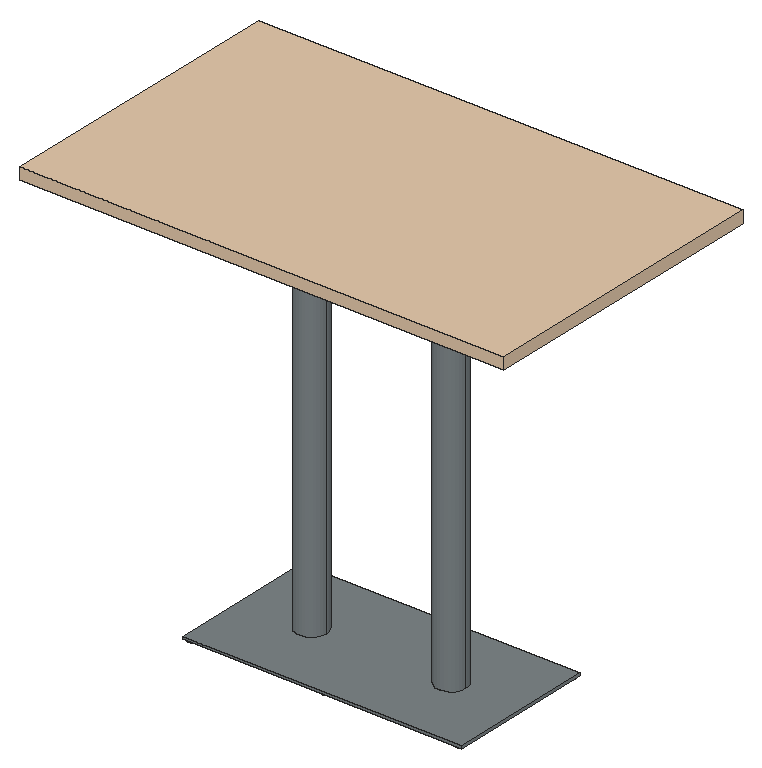
Revit family "FU_Table_Sandler_591AT-MT", category Furniture, Revit 2020
Family settings
  OmniClass Number = 23.40.20.00
  OmniClass Title = General Furniture and Specialties
  Work Plane-Based = No
  Always vertical = Yes
  Cut with Voids When Loaded = No
  Shared = No
  Room Calculation Point = No
Parameters (values of type "591AT-MT - 32x52" Top")
  Width = 747 mm
  URL = "https://www.sandlerseating.com/product/591at-mt/"
  Top Type = FU_TableTops_591 MT : 32x52" Top (80x130cm)
  Top Finish [instance] = Wood - Beech - Chestnut Stained
  Top Elevation = Height  # 1100 mm
  Model = "591AT-MT"
  Manufacturer = "Sandler"
  Height = 1100 mm
  Frame Finish [instance] = Metal - Paint -AL VR - Anthracite Grey
  Description = "Double column table base. Available in powdercoat and painted finishes.\r\nOptional upcharge for outdoor version with galvanized-treated frame and adjustable feet."
  Depth = 397 mm
  Default Elevation = 0 mm
Types (4, lengths in mm): name | Top Type | Top Finish | Frame Finish
  591AT-MT - 28x48" Top | FU_TableTops_591 MT : 28x48" Top (70x120cm) | Wood - Beech - Honey Stained | Metal - Paint -AL VR - White Aluminium
  591AT-MT - 28x52" Top | FU_TableTops_591 MT : 28x52" Top (70x130cm) | Wood - Beech - Grey Stained | Metal - Paint -AL VR - Pure White
  591AT-MT - 32x48" Top | FU_TableTops_591 MT : 32x48" Top (80x120cm) | Wood - Beech - Dark Brown Stained | Metal - Paint -AL VR - Chocolate Brown
  591AT-MT - 32x52" Top | FU_TableTops_591 MT : 32x52" Top (80x130cm) | Wood - Beech - Chestnut Stained | Metal - Paint -AL VR - Anthracite Grey
Reference planes
  plane 1 "Center (Front/Back)": y = 0
  plane 2: z = 0
  plane 3 "Center (Left/Right)": x = 0
  plane 4 "Right": x = -373.5
  plane 5 "Left": x = 373.5
  plane 6 "Back": y = 198.5
  plane 7 "Front": y = -198.5
  plane 8 "Height": z = 1100
  plane 9 "Glide height": z = 4
  plane 10 "LG H": y = 185.83
  plane 11: x = -187.5
  plane 12: x = 187.5
  plane 13: z = 1080
Forms (mm)
  Extrusion 1, solid, material "Metal - Paint -AL VR - Anthracite Grey" <- "Frame Finish"
    sketch origin (0, 0, 4) x (-1, 0, 0) y (0, -1, 0)
      loop
        line (373.5, -198.5) -> (373.5, 198.5) -> (-373.5, 198.5) -> (-373.5, -198.5) -> (373.5, -198.5)
    from 0 to 6
  Revolve 2, solid, material "Rubber, Black"
    sketch origin (0, 185.83, 0) x (-1, 0, 0) y (0, 0, 1)
      loop
        line (370.83, 4) -> (360.83, 4) -> (360.83, 0) -> (368.83, 0)
        arc (368.83, 0) -> (370.244, 0.586) -> (370.83, 2) r 2
        line (370.83, 2) -> (370.83, 4)
      axis (360.83, 4) -> (360.83, 0)
    angle from 0 to 360
  Revolve 3, solid, material "Rubber, Black"
    sketch origin (0, 185.83, 0) x (1, 0, 0) y (0, 0, 1)
      loop
        line (370.83, 4) -> (360.83, 4) -> (360.83, 0) -> (368.83, 0)
        arc (368.83, 0) -> (370.244, 0.586) -> (370.83, 2) r 2
        line (370.83, 2) -> (370.83, 4)
      axis (360.83, 4) -> (360.83, 0)
    angle from 0 to 360
  Revolve 4, solid, material "Rubber, Black"
    sketch origin (0, -185.83, 0) x (-1, 0, 0) y (0, 0, -1)
      loop
        line (370.83, -4) -> (370.83, -2)
        arc (370.83, -2) -> (370.244, -0.586) -> (368.83, 0) r 2
        line (368.83, 0) -> (360.83, 0) -> (360.83, -4) -> (370.83, -4)
      axis (360.83, -4) -> (360.83, 0)
    angle from 0 to 360
  Revolve 5, solid, material "Rubber, Black"
    sketch origin (0, -185.83, 0) x (1, 0, 0) y (0, 0, 1)
      loop
        line (370.83, 4) -> (360.83, 4) -> (360.83, 0) -> (368.83, 0)
        arc (368.83, 0) -> (370.244, 0.586) -> (370.83, 2) r 2
        line (370.83, 2) -> (370.83, 4)
      axis (360.83, 4) -> (360.83, 0)
    angle from 0 to 360
  Revolve 6, solid, material "Rubber, Black"
    sketch origin (-360.83, 185.83, 0) x (1, 0, 0) y (0, 0, 1)
      loop
        line (370.83, 4) -> (360.83, 4) -> (360.83, 0) -> (368.83, 0)
        arc (368.83, 0) -> (370.244, 0.586) -> (370.83, 2) r 2
        line (370.83, 2) -> (370.83, 4)
      axis (360.83, 4) -> (360.83, 0)
    angle from 0 to 360
  Revolve 7, solid, material "Rubber, Black"
    sketch origin (-360.83, -185.83, 0) x (1, 0, 0) y (0, 0, 1)
      loop
        line (370.83, 4) -> (360.83, 4) -> (360.83, 0) -> (368.83, 0)
        arc (368.83, 0) -> (370.244, 0.586) -> (370.83, 2) r 2
        line (370.83, 2) -> (370.83, 4)
      axis (360.83, 4) -> (360.83, 0)
    angle from 0 to 360
  Extrusion 8, solid, material "Metal - Paint -AL VR - Anthracite Grey" <- "Frame Finish"
    sketch origin (0, 0, 4) x (-1, 0, 0) y (0, -1, 0)
      loop
        circle (187.5, 0) r 40
      loop
        circle (187.5, 0) r 38
    from 6 to 1076
  Extrusion 9, solid, material "Metal - Paint -AL VR - Anthracite Grey" <- "Frame Finish"
    sketch origin (0, 0, 4) x (1, 0, 0) y (0, 1, 0)
      loop
        circle (187.5, 0) r 40
      loop
        circle (187.5, 0) r 38
    from 6 to 1076
  Extrusion 10, solid, material "Metal - Paint -AL VR - Anthracite Grey" <- "Frame Finish"
    sketch origin (0, 0, 1100) x (-1, 0, 0) y (0, -1, 0)
      loop
        line (235.5, 44.024) -> (307.236, 115.76)
        arc (307.236, 115.76) -> (304.418, 118.6) -> (301.532, 121.37) r 166.741
        line (301.532, 121.37) -> (227.879, 47.718) -> (147.12, 47.718) -> (73.468, 121.37)
        arc (73.468, 121.37) -> (70.582, 118.6) -> (67.764, 115.76) r 166.741
        line (67.764, 115.76) -> (139.5, 44.024) -> (139.5, -44.024) -> (67.486, -116.038)
        arc (67.486, -116.038) -> (70.298, -118.884) -> (73.177, -121.661) r 166.741
        line (73.177, -121.661) -> (146.556, -48.282) -> (228.444, -48.282) -> (301.823, -121.661)
        arc (301.823, -121.661) -> (304.702, -118.884) -> (307.514, -116.038) r 166.741
        line (307.514, -116.038) -> (235.5, -44.024) -> (235.5, 44.024)
    from -5.84 to -20
  Extrusion 11, solid, material "Metal - Paint -AL VR - Anthracite Grey" <- "Frame Finish"
    sketch origin (0, 0, 1100) x (-1, 0, 0) y (0, -1, 0)
      loop
        arc (235.5, 9.198) -> (237.694, 20.46) -> (243.955, 30.074) r 30
        line (243.955, 30.074) -> (342.527, 131.809)
        arc (342.527, 131.809) -> (344.782, 137.439) -> (342.439, 143.033) r 8
        line (342.439, 143.033) -> (329.622, 155.85)
        arc (329.622, 155.85) -> (323.965, 158.193) -> (318.308, 155.85) r 8
        line (318.308, 155.85) -> (219.527, 57.069)
        arc (219.527, 57.069) -> (209.794, 50.566) -> (198.314, 48.282) r 30
        line (198.314, 48.282) -> (176.686, 48.282)
        arc (176.686, 48.282) -> (165.206, 50.566) -> (155.473, 57.069) r 30
        line (155.473, 57.069) -> (56.692, 155.85)
        arc (56.692, 155.85) -> (51.035, 158.193) -> (45.378, 155.85) r 8
        line (45.378, 155.85) -> (32.561, 143.033)
        arc (32.561, 143.033) -> (30.218, 137.439) -> (32.473, 131.809) r 8
        line (32.473, 131.809) -> (131.045, 30.074)
        arc (131.045, 30.074) -> (137.306, 20.46) -> (139.5, 9.198) r 30
        line (139.5, 9.198) -> (139.5, -9.198)
        arc (139.5, -9.198) -> (137.306, -20.46) -> (131.045, -30.074) r 30
        line (131.045, -30.074) -> (32.473, -131.809)
        arc (32.473, -131.809) -> (30.218, -137.439) -> (32.561, -143.033) r 8
        line (32.561, -143.033) -> (45.378, -155.85)
        arc (45.378, -155.85) -> (51.035, -158.193) -> (56.692, -155.85) r 8
        line (56.692, -155.85) -> (155.473, -57.069)
        arc (155.473, -57.069) -> (165.206, -50.566) -> (176.686, -48.282) r 30
        line (176.686, -48.282) -> (198.314, -48.282)
        arc (198.314, -48.282) -> (209.794, -50.566) -> (219.527, -57.069) r 30
        line (219.527, -57.069) -> (318.308, -155.85)
        arc (318.308, -155.85) -> (323.965, -158.193) -> (329.622, -155.85) r 8
        line (329.622, -155.85) -> (342.439, -143.033)
        arc (342.439, -143.033) -> (344.782, -137.439) -> (342.527, -131.809) r 8
        line (342.527, -131.809) -> (243.955, -30.074)
        arc (243.955, -30.074) -> (237.694, -20.46) -> (235.5, -9.198) r 30
        line (235.5, -9.198) -> (235.5, 9.198)
      loop
        line (53.101, -141.055) -> (62.998, -131.158)
        arc (62.998, -131.158) -> (62.998, -125.502) -> (57.342, -125.502) r 3.999
        line (57.342, -125.502) -> (47.445, -135.399)
        arc (47.445, -135.399) -> (47.5, -141.001) -> (53.101, -141.055) r 4
      loop
        arc (321.899, -141.055) -> (327.5, -141.001) -> (327.555, -135.399) r 4
        line (327.555, -135.399) -> (317.658, -125.502)
        arc (317.658, -125.502) -> (312.002, -125.502) -> (312.002, -131.158) r 3.999
        line (312.002, -131.158) -> (321.899, -141.055)
      loop
        arc (53.101, 141.055) -> (47.5, 141.001) -> (47.445, 135.399) r 4
        line (47.445, 135.399) -> (57.342, 125.502)
        arc (57.342, 125.502) -> (62.998, 125.502) -> (62.998, 131.158) r 3.999
        line (62.998, 131.158) -> (53.101, 141.055)
      loop
        line (321.899, 141.055) -> (312.002, 131.158)
        arc (312.002, 131.158) -> (312.002, 125.502) -> (317.658, 125.502) r 3.999
        line (317.658, 125.502) -> (327.555, 135.399)
        arc (327.555, 135.399) -> (327.5, 141.001) -> (321.899, 141.055) r 4
      loop
        circle (187.5, 0) r 7.5
    from -9.84 to 0
  Extrusion 12, solid, material "Metal - Paint -AL VR - Anthracite Grey" <- "Frame Finish"
    sketch origin (0, 0, 1100) x (1, 0, 0) y (0, 1, 0)
      loop
        line (235.5, -44.024) -> (235.5, 44.024) -> (307.514, 116.038)
        arc (307.514, 116.038) -> (304.702, 118.884) -> (301.823, 121.661) r 166.741
        line (301.823, 121.661) -> (228.444, 48.282) -> (146.556, 48.282) -> (73.177, 121.661)
        arc (73.177, 121.661) -> (70.298, 118.884) -> (67.486, 116.038) r 166.741
        line (67.486, 116.038) -> (139.5, 44.024) -> (139.5, -44.024) -> (67.764, -115.76)
        arc (67.764, -115.76) -> (70.582, -118.6) -> (73.468, -121.37) r 166.741
        line (73.468, -121.37) -> (147.12, -47.718) -> (227.879, -47.718) -> (301.532, -121.37)
        arc (301.532, -121.37) -> (304.418, -118.6) -> (307.236, -115.76) r 166.741
        line (307.236, -115.76) -> (235.5, -44.024)
    from -5.84 to -20
  Extrusion 13, solid, material "Metal - Paint -AL VR - Anthracite Grey" <- "Frame Finish"
    sketch origin (0, 0, 1100) x (1, 0, 0) y (0, 1, 0)
      loop
        line (235.5, -9.198) -> (235.5, 9.198)
        arc (235.5, 9.198) -> (237.694, 20.46) -> (243.955, 30.074) r 30
        line (243.955, 30.074) -> (342.527, 131.809)
        arc (342.527, 131.809) -> (344.782, 137.439) -> (342.439, 143.033) r 8
        line (342.439, 143.033) -> (329.622, 155.85)
        arc (329.622, 155.85) -> (323.965, 158.193) -> (318.308, 155.85) r 8
        line (318.308, 155.85) -> (219.527, 57.069)
        arc (219.527, 57.069) -> (209.794, 50.566) -> (198.314, 48.282) r 30
        line (198.314, 48.282) -> (176.686, 48.282)
        arc (176.686, 48.282) -> (165.206, 50.566) -> (155.473, 57.069) r 30
        line (155.473, 57.069) -> (56.692, 155.85)
        arc (56.692, 155.85) -> (51.035, 158.193) -> (45.378, 155.85) r 8
        line (45.378, 155.85) -> (32.561, 143.033)
        arc (32.561, 143.033) -> (30.218, 137.439) -> (32.473, 131.809) r 8
        line (32.473, 131.809) -> (131.045, 30.074)
        arc (131.045, 30.074) -> (137.306, 20.46) -> (139.5, 9.198) r 30
        line (139.5, 9.198) -> (139.5, -9.198)
        arc (139.5, -9.198) -> (137.306, -20.46) -> (131.045, -30.074) r 30
        line (131.045, -30.074) -> (32.473, -131.809)
        arc (32.473, -131.809) -> (30.218, -137.439) -> (32.561, -143.033) r 8
        line (32.561, -143.033) -> (45.378, -155.85)
        arc (45.378, -155.85) -> (51.035, -158.193) -> (56.692, -155.85) r 8
        line (56.692, -155.85) -> (155.473, -57.069)
        arc (155.473, -57.069) -> (165.206, -50.566) -> (176.686, -48.282) r 30
        line (176.686, -48.282) -> (198.314, -48.282)
        arc (198.314, -48.282) -> (209.794, -50.566) -> (219.527, -57.069) r 30
        line (219.527, -57.069) -> (318.308, -155.85)
        arc (318.308, -155.85) -> (323.965, -158.193) -> (329.622, -155.85) r 8
        line (329.622, -155.85) -> (342.439, -143.033)
        arc (342.439, -143.033) -> (344.782, -137.439) -> (342.527, -131.809) r 8
        line (342.527, -131.809) -> (243.955, -30.074)
        arc (243.955, -30.074) -> (237.694, -20.46) -> (235.5, -9.198) r 30
      loop
        arc (53.101, 141.055) -> (47.5, 141.001) -> (47.445, 135.399) r 4
        line (47.445, 135.399) -> (57.342, 125.502)
        arc (57.342, 125.502) -> (62.998, 125.502) -> (62.998, 131.158) r 3.999
        line (62.998, 131.158) -> (53.101, 141.055)
      loop
        line (321.899, 141.055) -> (312.002, 131.158)
        arc (312.002, 131.158) -> (312.002, 125.502) -> (317.658, 125.502) r 3.999
        line (317.658, 125.502) -> (327.555, 135.399)
        arc (327.555, 135.399) -> (327.5, 141.001) -> (321.899, 141.055) r 4
      loop
        line (53.101, -141.055) -> (62.998, -131.158)
        arc (62.998, -131.158) -> (62.998, -125.502) -> (57.342, -125.502) r 3.999
        line (57.342, -125.502) -> (47.445, -135.399)
        arc (47.445, -135.399) -> (47.5, -141.001) -> (53.101, -141.055) r 4
      loop
        arc (321.899, -141.055) -> (327.5, -141.001) -> (327.555, -135.399) r 4
        line (327.555, -135.399) -> (317.658, -125.502)
        arc (317.658, -125.502) -> (312.002, -125.502) -> (312.002, -131.158) r 3.999
        line (312.002, -131.158) -> (321.899, -141.055)
      loop
        circle (187.5, 0) r 7.5
    from -9.84 to 0
Cuts and joins
  joined: Extrusion 1, Extrusion 8, Extrusion 9, Extrusion 10, Extrusion 11, Extrusion 12, Extrusion 13
Dimensions and locks
  equal spacing: plane 4 "Right", plane 3 "Center (Left/Right)", plane 5 "Left"
  "Width": plane 4 "Right" to plane 5 "Left"
  equal spacing: plane 6 "Back", plane 1 "Center (Front/Back)", plane 7 "Front"
  "Depth": plane 6 "Back" to plane 7 "Front"
  "Height": plane 8 "Height" to level
  plane 9 "Glide height" to level = 4 mm
  locked: plane 8 "Height" to plane 13 at 20
  aligned and locked: level to plane 2
  aligned and locked: plane 13 to cut or joined group of Extrusion 1, Extrusion 8, Extrusion 9, Extrusion 10, Extrusion 11, Extrusion 12, Extrusion 13  (x2)
Automatic sketch dimensions
  Extrusion 1 sketch curve to plane 5 "Left" = 0 mm
  Extrusion 1 sketch curve to plane 4 "Right" = 0 mm
  Extrusion 1 sketch curve to plane 6 "Back" = 0 mm
  Extrusion 1 sketch curve to plane 7 "Front" = 0 mm
  Revolve 2 sketch curve to plane 9 "Glide height" = 0 mm  (x2)
  Revolve 2 sketch curve to level = 0 mm
  level to Revolve 2 sketch curve = 2 mm
  Revolve 2 sketch curve to plane 4 "Right" = 4.67 mm
  Revolve 2 sketch curve to level = 1.303 mm
  Revolve 3 sketch curve to plane 9 "Glide height" = 0 mm  (x2)
  Revolve 3 sketch curve to level = 0 mm
  Revolve 3 sketch curve to plane 5 "Left" = 12.67 mm
  Revolve 3 sketch curve to level = 2 mm
  Revolve 3 sketch curve to plane 5 "Left" = 4.67 mm
  Revolve 3 sketch curve to Revolve 3 sketch curve = 0 mm
  Revolve 3 sketch curve to Revolve 3 sketch curve = 1.303 mm
  Revolve 4 sketch curve to plane 9 "Glide height" = 0 mm  (x2)
  Revolve 4 sketch curve to level = 0 mm
  level to Revolve 4 sketch curve = 2 mm
  Revolve 4 sketch curve to plane 4 "Right" = 4.67 mm
  Revolve 4 sketch curve to level = 1.303 mm
  Revolve 5 sketch curve to plane 9 "Glide height" = 0 mm  (x2)
  Revolve 5 sketch curve to level = 0 mm
  plane 5 "Left" to Revolve 5 sketch curve = 12.67 mm
  level to Revolve 5 sketch curve = 2 mm
  plane 5 "Left" to Revolve 5 sketch curve = 4.67 mm
  Revolve 5 sketch curve to Revolve 5 sketch curve = 0 mm
  Revolve 5 sketch curve to Revolve 5 sketch curve = 1.303 mm
  Revolve 6 sketch curve to plane 9 "Glide height" = 0 mm  (x2)
  Revolve 6 sketch curve to level = 0 mm
  plane 3 "Center (Left/Right)" to Revolve 6 sketch curve = 0 mm
  Revolve 6 sketch curve to level = 2 mm
  Revolve 6 sketch curve to plane 3 "Center (Left/Right)" = 8 mm
  Revolve 6 sketch curve to Revolve 6 sketch curve = 0 mm
  Revolve 6 sketch curve to Revolve 6 sketch curve = 1.303 mm
  Revolve 7 sketch curve to plane 9 "Glide height" = 0 mm  (x2)
  Revolve 7 sketch curve to level = 0 mm
  Revolve 7 sketch curve to plane 3 "Center (Left/Right)" = 0 mm
  level to Revolve 7 sketch curve = 2 mm
  plane 3 "Center (Left/Right)" to Revolve 7 sketch curve = 8 mm
  Revolve 7 sketch curve to Revolve 7 sketch curve = 0 mm
  Revolve 7 sketch curve to Revolve 7 sketch curve = 1.303 mm
  Extrusion 10 sketch curve to Extrusion 10 sketch curve = 0 mm  (x12)
  Extrusion 10 sketch curve to plane 11 = 0 mm
  Extrusion 10 sketch curve to plane 11 = 40.38 mm
  Extrusion 10 sketch curve to plane 11 = 40.944 mm
  Extrusion 10 sketch curve to Extrusion 10 sketch curve = 7.056 mm  (x2)
  Extrusion 10 sketch curve to plane 3 "Center (Left/Right)" = 73.468 mm
  Extrusion 10 sketch curve to plane 3 "Center (Left/Right)" = 73.177 mm
  Extrusion 10 sketch curve to Extrusion 10 sketch curve = 5.704 mm  (x2)
  Extrusion 10 sketch curve to Extrusion 10 sketch curve = 5.691 mm  (x2)
  plane 11 to Extrusion 10 sketch curve = 40.38 mm
  plane 11 to Extrusion 10 sketch curve = 40.944 mm
  Extrusion 10 sketch curve to plane 10 "LG H" = 64.169 mm  (x2)
  Extrusion 10 sketch curve to Extrusion 10 sketch curve = 5.623 mm
  Extrusion 10 sketch curve to plane 1 "Center (Front/Back)" = 48.282 mm
  Extrusion 10 sketch curve to Extrusion 10 sketch curve = 4.258 mm  (x2)
  plane 1 "Center (Front/Back)" to Extrusion 10 sketch curve = 44.024 mm  (x2)
  Extrusion 10 sketch curve to Extrusion 10 sketch curve = 3.693 mm
  plane 7 "Front" to Extrusion 10 sketch curve = 82.74 mm  (x2)
  plane 1 "Center (Front/Back)" to Extrusion 11 sketch curve = 0 mm
  Extrusion 11 sketch curve to plane 11 = 0 mm
  Extrusion 11 sketch curve to plane 11 = 10.814 mm  (x2)
  Extrusion 11 sketch curve to Extrusion 11 sketch curve = 21.213 mm  (x5)
  plane 1 "Center (Front/Back)" to Extrusion 11 sketch curve = 9.198 mm  (x2)
  Extrusion 11 sketch curve to plane 11 = 48 mm
  Extrusion 11 sketch curve to plane 1 "Center (Front/Back)" = 30.074 mm  (x2)
  Extrusion 11 sketch curve to Extrusion 11 sketch curve = 8.455 mm  (x4)
  plane 1 "Center (Front/Back)" to Extrusion 11 sketch curve = 30.074 mm  (x2)
  Extrusion 11 sketch curve to plane 1 "Center (Front/Back)" = 9.198 mm  (x2)
  Extrusion 11 sketch curve to plane 3 "Center (Left/Right)" = 62.998 mm  (x2)
  Extrusion 11 sketch curve to Extrusion 11 sketch curve = 2.828 mm  (x12)
  Extrusion 11 sketch curve to Extrusion 11 sketch curve = 6.306 mm  (x4)
  Extrusion 11 sketch curve to Extrusion 11 sketch curve = 9.897 mm  (x8)
  Extrusion 11 sketch curve to Extrusion 11 sketch curve = 5.657 mm  (x18)
  Extrusion 11 sketch curve to Extrusion 11 sketch curve = 2.773 mm  (x6)
  Extrusion 11 sketch curve to Extrusion 11 sketch curve = 2.883 mm  (x6)
  Extrusion 11 sketch curve to plane 10 "LG H" = 29.98 mm  (x2)
  Extrusion 11 sketch curve to Extrusion 11 sketch curve = 9.227 mm  (x4)
  Extrusion 11 sketch curve to Extrusion 11 sketch curve = 5.745 mm  (x4)
  plane 11 to Extrusion 11 sketch curve = 10.814 mm  (x2)
  plane 11 to Extrusion 11 sketch curve = 48 mm
  Extrusion 11 sketch curve to Extrusion 11 sketch curve = 12.817 mm  (x2)
  Extrusion 11 sketch curve to Extrusion 11 sketch curve = 9.138 mm  (x4)
  Extrusion 11 sketch curve to Extrusion 11 sketch curve = 48.208 mm
  Extrusion 11 sketch curve to Extrusion 11 sketch curve = 0 mm
  plane 1 "Center (Front/Back)" to Extrusion 11 sketch curve = 48.282 mm
  Extrusion 11 sketch curve to Extrusion 11 sketch curve = 8.787 mm  (x2)
  plane 7 "Front" to Extrusion 11 sketch curve = 72.998 mm  (x2)
  Extrusion 11 sketch curve to Extrusion 11 sketch curve = 6.307 mm  (x2)
  Extrusion 11 sketch curve to Extrusion 11 sketch curve = 5.567 mm  (x2)
  Extrusion 12 sketch curve to Extrusion 12 sketch curve = 0 mm  (x12)
  Extrusion 12 sketch curve to plane 3 "Center (Left/Right)" = 67.486 mm
  Extrusion 12 sketch curve to plane 3 "Center (Left/Right)" = 67.764 mm
  Extrusion 12 sketch curve to Extrusion 12 sketch curve = 5.691 mm  (x2)
  Extrusion 12 sketch curve to Extrusion 12 sketch curve = 5.704 mm  (x2)
  plane 1 "Center (Front/Back)" to Extrusion 12 sketch curve = 44.024 mm  (x2)
  Extrusion 12 sketch curve to Extrusion 12 sketch curve = 72.014 mm
  plane 1 "Center (Front/Back)" to Extrusion 12 sketch curve = 48.282 mm
  Extrusion 12 sketch curve to Extrusion 12 sketch curve = 7.056 mm  (x2)
  Extrusion 12 sketch curve to plane 1 "Center (Front/Back)" = 47.718 mm
  Extrusion 12 sketch curve to Extrusion 12 sketch curve = 7.62 mm
  plane 1 "Center (Front/Back)" to Extrusion 12 sketch curve = 0.282 mm
  Extrusion 12 sketch curve to Extrusion 12 sketch curve = 40.38 mm  (x2)
  Extrusion 12 sketch curve to Extrusion 12 sketch curve = 40.944 mm
  Extrusion 12 sketch curve to plane 5 "Left" = 71.968 mm
  Extrusion 12 sketch curve to plane 5 "Left" = 71.677 mm
  plane 10 "LG H" to Extrusion 12 sketch curve = 69.792 mm  (x2)
  Extrusion 12 sketch curve to Extrusion 12 sketch curve = 3.693 mm  (x2)
  Extrusion 12 sketch curve to plane 7 "Front" = 82.74 mm  (x2)
  plane 1 "Center (Front/Back)" to Extrusion 13 sketch curve = 0 mm
  Extrusion 13 sketch curve to plane 3 "Center (Left/Right)" = 32.473 mm  (x2)
  Extrusion 13 sketch curve to Extrusion 13 sketch curve = 0.089 mm  (x2)
  Extrusion 13 sketch curve to Extrusion 13 sketch curve = 5.745 mm  (x4)
  Extrusion 13 sketch curve to Extrusion 13 sketch curve = 12.817 mm  (x4)
  Extrusion 13 sketch curve to Extrusion 13 sketch curve = 9.227 mm  (x4)
  Extrusion 13 sketch curve to Extrusion 13 sketch curve = 2.883 mm  (x6)
  Extrusion 13 sketch curve to Extrusion 13 sketch curve = 5.657 mm  (x16)
  Extrusion 13 sketch curve to Extrusion 13 sketch curve = 2.773 mm  (x6)
  plane 10 "LG H" to Extrusion 13 sketch curve = 29.98 mm  (x2)
  Extrusion 13 sketch curve to Extrusion 13 sketch curve = 9.897 mm  (x8)
  Extrusion 13 sketch curve to Extrusion 13 sketch curve = 2.828 mm  (x12)
  plane 1 "Center (Front/Back)" to Extrusion 13 sketch curve = 9.198 mm  (x2)
  Extrusion 13 sketch curve to plane 3 "Center (Left/Right)" = 109.5 mm
  Extrusion 13 sketch curve to Extrusion 13 sketch curve = 0 mm
  Extrusion 13 sketch curve to plane 1 "Center (Front/Back)" = 30.074 mm  (x2)
  Extrusion 13 sketch curve to Extrusion 13 sketch curve = 21.545 mm  (x2)
  plane 1 "Center (Front/Back)" to Extrusion 13 sketch curve = 30.074 mm  (x2)
  Extrusion 13 sketch curve to plane 1 "Center (Front/Back)" = 57.069 mm  (x2)
  Extrusion 13 sketch curve to Extrusion 13 sketch curve = 24.427 mm  (x2)
  plane 1 "Center (Front/Back)" to Extrusion 13 sketch curve = 57.069 mm  (x2)
  Extrusion 13 sketch curve to Extrusion 13 sketch curve = 21.213 mm  (x5)
  Extrusion 13 sketch curve to Extrusion 13 sketch curve = 48 mm  (x2)
  Extrusion 13 sketch curve to Extrusion 13 sketch curve = 21.628 mm  (x2)
  Extrusion 13 sketch curve to plane 1 "Center (Front/Back)" = 9.198 mm
  Extrusion 13 sketch curve to Extrusion 13 sketch curve = 8.455 mm  (x2)
  Extrusion 13 sketch curve to plane 5 "Left" = 61.498 mm  (x2)
  Extrusion 13 sketch curve to Extrusion 13 sketch curve = 6.306 mm  (x2)
  Extrusion 13 sketch curve to Extrusion 13 sketch curve = 9.138 mm  (x4)
  Extrusion 13 sketch curve to Extrusion 13 sketch curve = 8.787 mm
  Extrusion 13 sketch curve to plane 7 "Front" = 72.998 mm  (x2)
  Extrusion 13 sketch curve to Extrusion 13 sketch curve = 6.307 mm  (x2)
  Extrusion 13 sketch curve to Extrusion 13 sketch curve = 5.567 mm  (x2)
  Extrusion 8 sketch curve to Extrusion 8 sketch curve = 0 mm  (x2)
  plane 1 "Center (Front/Back)" to Extrusion 8 sketch curve = 0 mm
  Extrusion 8 sketch curve to plane 11 = 0 mm
  Extrusion 9 sketch curve to Extrusion 9 sketch curve = 0 mm  (x2)
  plane 1 "Center (Front/Back)" to Extrusion 9 sketch curve = 0 mm
  Extrusion 9 sketch curve to plane 12 = 0 mm
  Revolve 2 sketch curve to Revolve 2 sketch curve = 8 mm
  Revolve 2 sketch curve to Revolve 2 sketch curve = 0 mm
  Revolve 4 sketch curve to Revolve 4 sketch curve = 8 mm
  Revolve 4 sketch curve to Revolve 4 sketch curve = 0 mm
  Extrusion 10 sketch curve to plane 4 "Right" = 71.968 mm
  Extrusion 10 sketch curve to plane 4 "Right" = 71.677 mm
  Extrusion 11 sketch curve to plane 4 "Right" = 61.498 mm  (x2)
  radius of Extrusion 11 sketch curve = 7.5 mm
  radius of Extrusion 13 sketch curve = 7.5 mm
  radius of Extrusion 8 sketch curve = 40 mm
  radius of Extrusion 8 sketch curve = 38 mm
  radius of Extrusion 9 sketch curve = 40 mm
  radius of Extrusion 9 sketch curve = 38 mm
Nested families
  nested 1: "FU_TableTops_591 MT" at (0, 0, 0), Top Finish <- "Top Finish", type <- "Top Type", Top Elevation <- "Top Elevation", type "32x52" Top (80x130cm)"
    with Top Finish Wood - Beech - Chestnut Stained, Top Elevation 1100 mm
Definition of nested family "FU_TableTops_591 MT"
  Parameters (values of type "32x55" Top (80x140cm)")
    Width = 1400 mm
    Top Finish [instance] = none
    Top Elevation [instance] = 1100 mm
    Depth = 800 mm
    Default Elevation = 0 mm
  Types (6, lengths in mm): name | Width | Depth
    28x48" Top (70x120cm) | 1200 | 700
    28x52" Top (70x130cm) | 1300 | 700
    32x48" Top (80x120cm) | 1200 | 800
    32x52" Top (80x130cm) | 1300 | 800
    28x55" Top (70x140cm) | 1400 | 700
    32x55" Top (80x140cm) | 1400 | 800
  Reference planes
    plane 1 "Center (Front/Back)": y = 0
    plane 2: z = 0
    plane 3 "Center (Left/Right)": x = 0
    plane 4 "Right": x = -700
    plane 5 "Left": x = 700
    plane 6 "Back": y = 400
    plane 7 "Front": y = -400
    plane 8 "Elevation": z = 1100
    plane 9 "Top Height": z = 1131.75
  Forms (mm)
    Extrusion 1, solid, material <- "Top Finish"
      sketch origin (0, 0, 1100) x (-1, 0, 0) y (0, -1, 0)
        loop
          line (700, -400) -> (700, 400) -> (-700, 400) -> (-700, -400) -> (700, -400)
      from 0 to 31.75
  Dimensions and locks
    equal spacing: plane 4 "Right", plane 3 "Center (Left/Right)", plane 5 "Left"
    "Width": plane 4 "Right" to plane 5 "Left"
    equal spacing: plane 6 "Back", plane 1 "Center (Front/Back)", plane 7 "Front"
    "Depth": plane 6 "Back" to plane 7 "Front"
    "Top Elevation": plane 8 "Elevation" to level
    locked: plane 9 "Top Height" to plane 8 "Elevation" at 31.75
    aligned and locked: level to plane 2
    aligned and locked: Extrusion 1 sketch curve to plane 6 "Back"
    aligned and locked: Extrusion 1 sketch curve to plane 4 "Right"
    aligned and locked: plane 7 "Front" to Extrusion 1 sketch curve
    aligned and locked: plane 5 "Left" to Extrusion 1 sketch curve
    aligned and locked: Extrusion 1 to plane 8 "Elevation"
    aligned and locked: plane 8 "Elevation" to Extrusion 1  (x2)
    aligned and locked: plane 9 "Top Height" to Extrusion 1
    aligned and locked: Extrusion 1 to plane 9 "Top Height"
